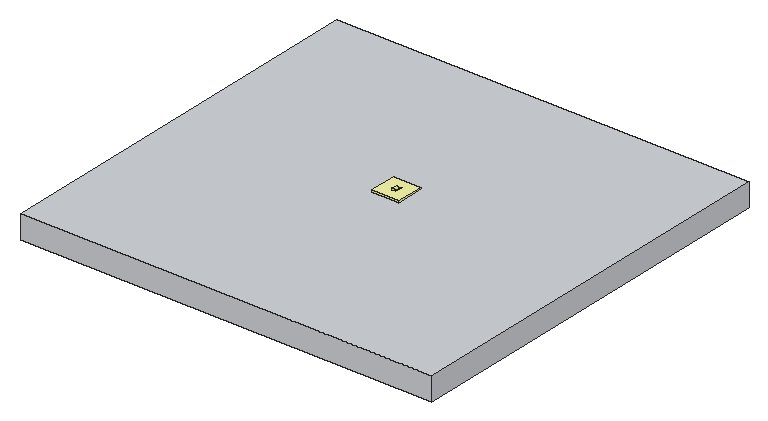
Revit family "ES_Intermediate Switch", category Lighting Devices, host Face, Revit 2013
Parameters (values of type "1 Gang")
  Switch Voltage = 230 V
  Load Classification = Other
  Label = ""
  Default Elevation = 1200 mm
  Assembly Code = ""
  Apparent Load = 0 VA
Reference planes
  plane 1 "Center (Front/Back)": y = 0
  plane 2: z = 0
  plane 3 "Center (Left/Right)": x = 0
  plane 4 "level above": z = 4.762
  plane 5 "level below": z = -53.975
  plane 6: x = -43
  plane 7: x = 43
  plane 8: y = 43
  plane 9: y = -43
  plane 10: y = 32
  plane 11: y = -32
  plane 12: x = -32
  plane 13: x = 32
Forms (mm)
  Extrusion 1, solid
    sketch origin (0, 0, 0) x (1, 0, 0) y (0, 1, 0)
      loop
        line (-644.525, 571.5) -> (-644.525, -666.75) -> (644.525, -666.75) -> (644.525, 571.5) -> (-644.525, 571.5)
    from 0 to -72.672
  Extrusion 2, solid, material "Face Plate"
    sketch origin (0, 0, 0) x (1, 0, 0) y (0, 1, 0)
      loop
        line (-43, 43) -> (-43, -43) -> (43, -43) -> (43, 43) -> (-43, 43)
    from 0 to 4.762
  Extrusion 3, solid
    sketch origin (0, 0, 0) x (1, 0, 0) y (0, 1, 0)
      loop
        line (-32, 32) -> (-32, -32) -> (32, -32) -> (32, 32) -> (-32, 32)
    from 0 to -53.975
  Extrusion 4, solid, material "Face Plate"
    sketch origin (0, 0, 0) x (0, 1, 0) y (0, 0, 1)
      loop
        line (11, 4.8) -> (-11, 10) -> (-11, 4.8) -> (11, 4.8)
    from -7 to 7
Lines and regions (mm)
  symbolic lines, detail levels fine
    curve 1: line (34.925, 0, 0) -> (-35.285, 0, 0)
    curve 2: line (34.925, 0, 4.762) -> (34.925, 0, 0)
    curve 3: line (-35.285, 0, 4.762) -> (34.925, 0, 4.762)
    curve 4: line (-35.285, 0, 0) -> (-35.285, 0, 4.762)
    curve 5: line (19.05, 0, -53.975) -> (-19.41, 0, -53.975)
    curve 6: line (19.05, 0, 0) -> (19.05, 0, -53.975)
    curve 7: line (-19.41, 0, -53.975) -> (-19.41, 0, 0)
Dimensions and locks
  locked: plane 4 "level above" to level at 4.763
  locked: level to plane 5 "level below" at 53.975
  plane 6 to plane 3 "Center (Left/Right)" to plane 7 = 43 mm, 43 mm
  plane 6 to plane 7 = 86 mm
  plane 1 "Center (Front/Back)" to plane 9 = 43 mm
  plane 1 "Center (Front/Back)" to plane 8 = 43 mm
  plane 12 to plane 3 "Center (Left/Right)" to plane 13 = 32 mm, 32 mm
  plane 10 to plane 1 "Center (Front/Back)" to plane 11 = 32 mm, 32 mm
  plane 12 to plane 13 = 64 mm
  plane 10 to plane 11 = 64 mm
  aligned and locked: plane 2 to Extrusion 1
  aligned and locked: level to Extrusion 1
  aligned and locked: Extrusion 2 to level
  aligned and locked: plane 4 "level above" to Extrusion 2
  aligned and locked: Extrusion 3 to level
  aligned and locked: Extrusion 3 to plane 5 "level below"
Nested families
  nested 1: "SW_Int" at (0, 0, 0), type "SW_Int"
Connectors
  electrical at (0, 0, 0)
    settings: on Extrusion 2, index 1, voltage 0 V, apparent load 0 VA, apparent load phase1 0 VA, apparent load phase2 0 VA, apparent load phase3 0 VA, power factor 1, load classification "Other", number of poles 1, system type 31, power factor state 1, is connector primary yes, connector utility no, sub classification motor no, connector description ""
Definition of nested family "SW_Int"
  Reference planes
    plane 1: y = 0
    plane 2: x = 0
  Lines and regions (mm)
    Filled region 1, type "Filled region 1"
      outline origin (0, 0, 0) x (1, 0, 0) y (0, 1, 0)
        loop
          circle (0, 0.837) r 0.85
    detail lines, style "Switch Symbols"
      curve 1: line (0, 0.837, 0) -> (3.157, 3.994, 0)
      curve 2: line (1.925, 1.512, 0) -> (1.925, 4.012, 0)
      curve 3: line (3.175, 2.762, 0) -> (0.675, 2.762, 0)
